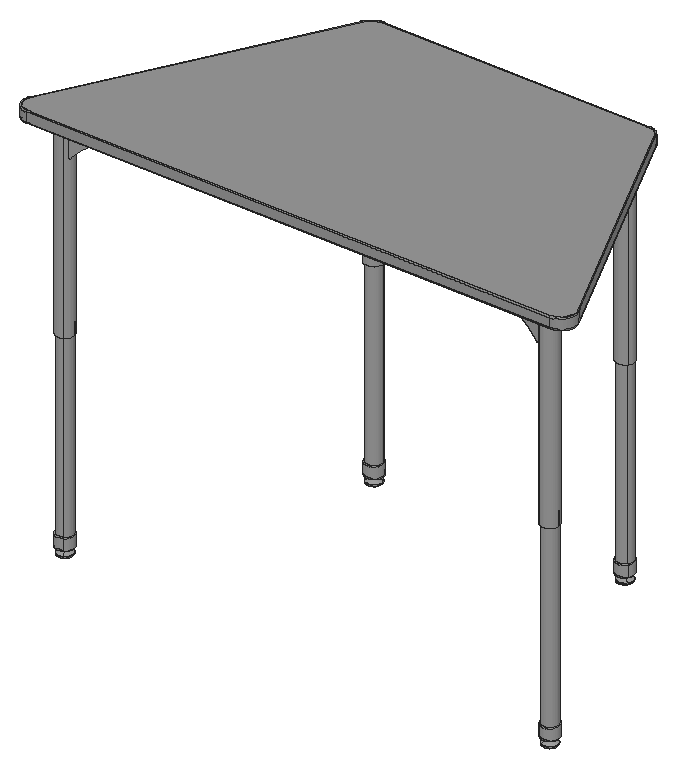
Revit family "Hierarchy Activity 60x30 Trapezoid Table - Standing Height", category Furniture, Revit 2018
Family settings
  Work Plane-Based = No
  Always vertical = Yes
  Cut with Voids When Loaded = No
  Shared = No
  Room Calculation Point = No
Parameters
  Table Height = 3' - 5"
  Surface = Hierarchy Activity 60x30 Trapezoid Table Standing Surface
  Leg Finish = Hierarchy Leg Platinum
  Edgeband = Hierarchy Activity 60x30 Trapezoid Table Standing Edgeband
  Caster/Glide = Hierarchy Standing Leg - Glide : Hierarchy Standing Leg - Glide
Reference planes (in)
  plane 1 "Center (Front/Back)": y = 0
  plane 2: z = 0
  plane 3 "Center (Left/Right)": x = 0
  plane 4: z = 41
Dimensions and locks (in)
  "Table Height": plane 4 to level
  aligned and locked: plane 2 to level
  aligned and locked: nested 1 to plane 4
Nested families (in)
  nested 1: "Activity 60x30 Trapezoid Tabletop" at (0, 0, 17.075), type "Activity 60x30 Trapezoid Tabletop"
  nested 2: "Hierarchy Standing Leg - Glide" at (-13.23136, 12.18813, 0) x (0.8507, 0.5257, 0) z (0, 0, 1), type <- "Caster/Glide", Leg Finish <- "Leg Finish", Leg Height <- "Table Height", type "Hierarchy Standing Leg - Glide"
  nested 3: "Hierarchy Standing Leg - Glide" at (13.23136, 12.18813, 0) x (-0.8507, 0.5257, 0) z (0, 0, 1), type <- "Caster/Glide", Leg Finish <- "Leg Finish", Leg Height <- "Table Height", type "Hierarchy Standing Leg - Glide"
  nested 4: "Hierarchy Standing Leg - Glide" at (-25.56328, -13.10714, 0) x (-0.5257, 0.8507, 0) z (0, 0, 1), Leg Finish <- "Leg Finish", Leg Height <- "Table Height", type "Hierarchy Standing Leg - Glide"
  nested 5: "Hierarchy Standing Leg - Glide" at (25.56328, -13.10714, 0) x (0.5257, 0.8507, 0) z (0, 0, 1), Leg Finish <- "Leg Finish", Leg Height <- "Table Height", type "Hierarchy Standing Leg - Glide"
Definition of nested family "Activity 60x30 Trapezoid Tabletop"
  Parameters (values of type "Activity 60x30 Trapezoid Tabletop")
    Surface = none
    Edgeband = none
  Reference planes (in)
    plane 1 "Center (Front/Back)": y = 0
    plane 2: z = 0
    plane 3 "Center (Left/Right)": x = 0
  Forms (in)
    Extrusion 1, solid, material <- "Surface"
      sketch origin (0, 0, 0) x (1, 0, 0) y (0, 1, 0)
        loop
          line (14.07295, 14.26389) -> (-14.07295, 14.26389)
          arc (-14.07295, 14.26389) -> (-14.79945, 14.05751) -> (-15.30895, 13.5) r 1.38189
          line (-15.30895, 13.5) -> (-28.80895, -13.5)
          arc (-28.80895, -13.5) -> (-28.74845, -14.8445) -> (-27.57295, -15.49989) r 1.38189
          line (-27.57295, -15.49989) -> (27.57295, -15.49989)
          arc (27.57295, -15.49989) -> (28.74845, -14.8445) -> (28.80895, -13.5) r 1.38189
          line (28.80895, -13.5) -> (15.30895, 13.5)
          arc (15.30895, 13.5) -> (14.79945, 14.05751) -> (14.07295, 14.26389) r 1.38189
      from 23.925 to 25.125
    Sweep 2, solid, material <- "Edgeband"
      path origin (0, 0, 0) x (1, 0, 0) y (0, 1, 0)
        loop
          line (-27.57295, -15.49989) -> (27.57295, -15.49989)
          arc (27.57295, -15.49989) -> (28.74845, -14.8445) -> (28.80895, -13.5) r 1.38189
          line (28.80895, -13.5) -> (15.30895, 13.5)
          arc (15.30895, 13.5) -> (14.79945, 14.05751) -> (14.07295, 14.26389) r 1.38189
          line (14.07295, 14.26389) -> (-14.07295, 14.26389)
          arc (-14.07295, 14.26389) -> (-14.79945, 14.05751) -> (-15.30895, 13.5) r 1.38189
          line (-15.30895, 13.5) -> (-28.80895, -13.5)
          arc (-28.80895, -13.5) -> (-28.74845, -14.8445) -> (-27.57295, -15.49989) r 1.38189
      profile origin (0, -15.49989, 0) x (0, 1, 0) y (0, 0, 1)
        loop
          arc (0, 25.125) -> (-0.08352, 25.09041) -> (-0.11811, 25.00689) r 0.11811
          line (-0.11811, 25.00689) -> (-0.11811, 24.04311)
          arc (-0.11811, 24.04311) -> (-0.08352, 23.95959) -> (0, 23.925) r 0.11811
          line (0, 23.925) -> (0, 25.125)
  Dimensions and locks (in)
    aligned and locked: plane 2 to level
Definition of nested family "Hierarchy Standing Leg - Glide"
  Parameters (values of type "Hierarchy Standing Leg - Glide")
    Leg Finish [instance] = none
    Leg Height [instance] = 3' - 5"
  Reference planes (in)
    plane 1 "Center (Front/Back)": y = 0
    plane 2: z = 0
    plane 3 "Center (Left/Right)": x = 0
  Forms (in)
    Extrusion 1, solid
      sketch origin (-0.01562, 0, 0) x (1, 0, 0) y (0, 1, 0)
        loop
          circle (0.01563, 0) r 0.79147
      from 2 to 23.175
    Revolve 2, solid
      sketch origin (0, 0, 0) x (1, 0, 0) y (0, 0, 1)
        loop
          line (0, 2) -> (0, 0.74937) -> (0.84838, 0.74937)
          arc (0.84838, 0.74937) -> (0.89342, 0.76803) -> (0.91207, 0.81306) r 0.06369
          line (0.91207, 0.81306) -> (0.91207, 1.93631)
          arc (0.91207, 1.93631) -> (0.89342, 1.98134) -> (0.84838, 2) r 0.06369
          line (0.84838, 2) -> (0, 2)
        axis (0, 2) -> (0, 0.74937)
      angle from 0 to 360
    Revolve 3, solid
      sketch origin (0, 0, 0) x (1, 0, 0) y (0, 0, 1)
        loop
          line (0, 0.75) -> (0, 0) -> (0.74583, 0) -> (0.79147, 0.09013) -> (0.79147, 0.16241) -> (0.12474, 0.5) -> (0.12474, 0.75) -> (0, 0.75)
        axis (0, 0.75) -> (0, 0)
      angle from 0 to 360
  Dimensions and locks (in)
    "Leg Height": nested 1 to level
    aligned and locked: plane 2 to level
  Automatic sketch dimensions
    plane 1 "Center (Front/Back)" to Extrusion 1 sketch curve = 0' - 0"
    Extrusion 1 sketch curve to plane 3 "Center (Left/Right)" = 0' - 0"
    Revolve 2 sketch curve to plane 3 "Center (Left/Right)" = 0' - 0"  (x2)
    plane 3 "Center (Left/Right)" to Revolve 2 sketch curve = 0' - 0.84838"
    Revolve 2 sketch curve to Revolve 2 sketch curve = 0' - 0.84838"
    Revolve 2 sketch curve to Revolve 2 sketch curve = 0' - 0.06369"
    level to Revolve 2 sketch curve = 0' - 0.74937"
    Revolve 2 sketch curve to Revolve 2 sketch curve = 0' - 1.12324"
    Revolve 2 sketch curve to Revolve 2 sketch curve = 0' - 0.13731"
    Revolve 2 sketch curve to Revolve 2 sketch curve = 0' - 0 3/4"
    Revolve 3 sketch curve to plane 3 "Center (Left/Right)" = 0' - 0"  (x2)
    Revolve 3 sketch curve to level = 0' - 0"
    plane 3 "Center (Left/Right)" to Revolve 3 sketch curve = 0' - 0.12474"
    plane 3 "Center (Left/Right)" to Revolve 3 sketch curve = 0' - 0.74583"
    Revolve 3 sketch curve to Revolve 3 sketch curve = 0' - 0.04564"
    level to Revolve 3 sketch curve = 0' - 0.09013"
    Revolve 3 sketch curve to Revolve 3 sketch curve = 0' - 0.07228"
    level to Revolve 3 sketch curve = 0' - 0 1/2"
    Revolve 3 sketch curve to Revolve 3 sketch curve = 0' - 0 1/4"
    Revolve 3 sketch curve to level = 0' - 0 1/8"
    Revolve 3 sketch curve to Revolve 3 sketch curve = 0' - 0 1/8"
    radius of Extrusion 1 sketch curve = 0' - 0.79147"
  Nested families (in)
    nested 1: "Hierarchy Standing Upper Leg 2023" at (0, 0, 0.19983), Leg Finish <- "Leg Finish", type "Hierarchy Standing Upper Leg 2023"
      with Leg Finish none
  Definition of nested family "Hierarchy Standing Upper Leg 2023"
    Parameters (values of type "Hierarchy Standing Upper Leg 2023")
      Leg Finish [instance] = none
    Reference planes (in)
      plane 1 "Center (Front/Back)": y = 0
      plane 2: z = 0
      plane 3 "Center (Left/Right)": x = 0
    Forms (in)
      Extrusion 1, solid, material <- "Leg Finish"
        sketch origin (0, 0, 0) x (1, 0, 0) y (0, 1, 0)
          loop
            circle (0, 0) r 0.9129
        from 20.67418 to 40.67418
      Extrusion 2, solid, material <- "Leg Finish"
        sketch origin (0, 0, 12.998) x (1, 0, 0) y (0, 1, 0)
          loop
            line (-1.70174, 0.19183) -> (-3.96611, -4.49738)
            arc (-3.96611, -4.49738) -> (-3.91977, -5.33444) -> (-3.18615, -5.74016) r 0.86614
            line (-3.18615, -5.74016) -> (3.18615, -5.74016)
            arc (3.18615, -5.74016) -> (3.91977, -5.33444) -> (3.96611, -4.49738) r 0.86614
            line (3.96611, -4.49738) -> (1.70174, 0.19183)
            arc (1.70174, 0.19183) -> (0, 1.25984) -> (-1.70174, 0.19183) r 1.88976
        from 27.67618 to 27.80217
      Extrusion 3, solid, material <- "Leg Finish"
        sketch origin (12.41967, 1.58692, 0) x (0.434844, 0.900506, 0) y (0, 0, 1)
          loop
            arc (-12.68776, 40.67418) -> (-12.80559, 40.56418) -> (-12.70394, 40.43908) r 0.11811
            arc (-12.70394, 40.43908) -> (-9.98192, 39.53509) -> (-7.76426, 37.71614) r 7.87402
            arc (-7.76426, 37.71614) -> (-7.63344, 37.68136) -> (-7.55587, 37.79229) r 0.11811
            line (-7.55587, 37.79229) -> (-7.55587, 40.67418) -> (-12.68776, 40.67418)
        from -11.10976 to -10.98378
      Extrusion 4, solid, material <- "Leg Finish"
        sketch origin (-12.41967, 1.58692, 0) x (-0.434844, 0.900506, 0) y (0, 0, -1)
          loop
            line (-12.68776, -40.67418) -> (-7.55587, -40.67418) -> (-7.55587, -37.79229)
            arc (-7.55587, -37.79229) -> (-7.63344, -37.68136) -> (-7.76426, -37.71614) r 0.11811
            arc (-7.76426, -37.71614) -> (-9.98192, -39.53509) -> (-12.70394, -40.43908) r 7.87402
            arc (-12.70394, -40.43908) -> (-12.80559, -40.56418) -> (-12.68776, -40.67418) r 0.11811
        from -11.10976 to -10.98378
    Dimensions and locks (in)
      aligned and locked: plane 2 to level
